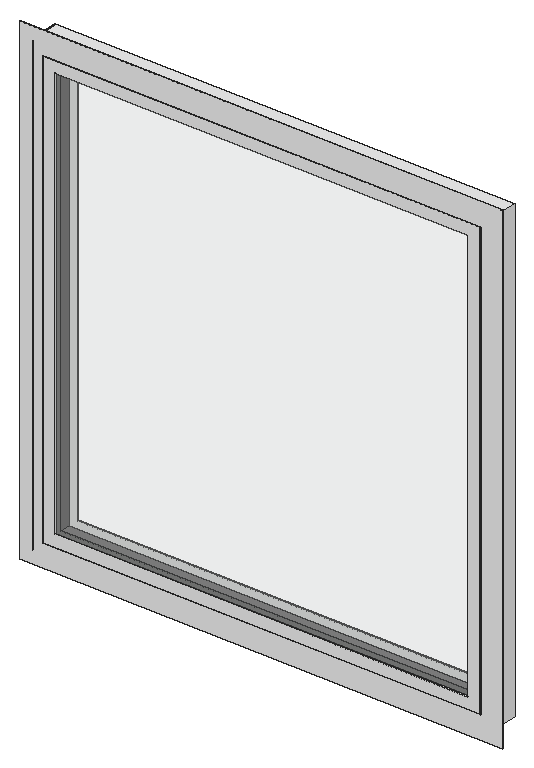
Revit family "Casement_28_E_Top_Hung_Standard", category Windows, host Wall, Revit 2014
Parameters (values of type "Casement_Sash_DG")
  Width Sash [instance] = 30 mm
  Width Sash Inner = 15 mm
  Width Bead = 15 mm
  Top Hung [instance] = yes
  Side Hung Right [instance] = yes
  Side Hung Left [instance] = yes
  Sash Opening Width [instance] = 600 mm
  Sash Opening Height [instance] = 600.312 mm
  Sash Lip = 15 mm
  Glazing Material [instance] = Glass
  DG Start Piece 2 [instance] = DG End Piece 1 + DG Gasket Thickness  # 25 mm
  DG Start Peice 1 [instance] = (Depth Sash - (2 * DG Glazing Thickness) - DG Gasket Thickness) / 2  # 6.6 mm
  Glazing Offset = 5 mm
  DG Glazing Thickness [instance] = 6.4 mm
  DG Gasket Thickness = 12 mm  # constant formula
  DG Gasket Material [instance] = Double Glazing Gasket Material
  DG End Piece 2 [instance] = DG Start Piece 2 + DG Glazing Thickness  # 31.4 mm
  DG End Piece 1 [instance] = DG Start Peice 1 + DG Glazing Thickness  # 13 mm
  Depth Sash [instance] = 38 mm
  Center Vertical Sash [instance] = Sash Opening Height / 2  # 300.156 mm
  Center Horizontal Sash [instance] = Sash Opening Width / 2  # 300 mm
  Bottom Hung [instance] = yes
  Bead Offset = 15 mm
  Aluminium Thickness = 1 mm
  Aluminium Material [instance] = White Powder Coated Aluminium
Reference planes
  plane 1 "Center (Front/Back)": y = 0
  plane 2: z = 0
  plane 3 "Center (Left/Right)": x = 0
Forms (mm)
  Sweep 1, solid, material "White Powder Coated Aluminium" <- "Aluminium Material"
    path origin (16.177, 0, 121.331) x (1, 0, 0) y (0, 0, 1)
      loop
        line (0, 0) -> (600, 0) -> (600, 600.312) -> (0, 600.312) -> (0, 0)
    profile origin (316.177, 0, 121.331) x (0, 0, 1) y (0, -1, 0)
      loop
        line (0, 0) -> (30, 0) -> (30, 1) -> (15, 1) -> (15, 38) -> (-15, 38) -> (-15, 37) -> (0, 37) -> (0, 0)
      loop
        line (14, 1) -> (14, 37) -> (1, 37) -> (1, 1) -> (14, 1)
  Sweep 2, solid, material "White Powder Coated Aluminium" <- "Aluminium Material"
    path origin (0, 0, 0) x (1, 0, 0) y (0, 0, 1)
      loop
        line (31.177, 706.643) -> (31.177, 136.331) -> (601.177, 136.331) -> (601.177, 706.643) -> (31.177, 706.643)
    profile origin (316.177, 0, 706.643) x (0, 0, 1) y (0, -1, 0)
      loop
        line (0, 37) -> (0, 38) -> (-15, 38) -> (-15, 37) -> (0, 37)
  Extrusion 3, solid, material "Glass" <- "Glazing Material"
    sketch origin (0, 0, 0) x (1, 0, 0) y (0, 0, 1)
      loop
        line (36.177, 701.643) -> (36.177, 141.331) -> (596.177, 141.331) -> (596.177, 701.643) -> (36.177, 701.643)
    from 6.6 <- "DG Start Peice 1" to 13 <- "DG End Piece 1"
  Extrusion 4, solid, material "Glass" <- "Glazing Material"
    sketch origin (0, 0, 0) x (1, 0, 0) y (0, 0, 1)
      loop
        line (36.177, 701.643) -> (36.177, 141.331) -> (596.177, 141.331) -> (596.177, 701.643) -> (36.177, 701.643)
    from 31.4 <- "DG End Piece 2" to 25 <- "DG Start Piece 2"
  Sweep 5, solid, material "Double Glazing Gasket Material" <- "DG Gasket Material"
    path origin (0, -13, 0) x (1, 0, 0) y (0, 0, 1)
      loop
        line (36.177, 701.643) -> (36.177, 141.331) -> (596.177, 141.331) -> (596.177, 701.643) -> (36.177, 701.643)
    profile origin (316.177, -13, 701.643) x (0, 0, 1) y (0, -1, 0)
      loop
        line (0, 0) -> (0, 12) -> (-7.96, 12) -> (-7.96, 0) -> (0, 0)
Lines and regions (mm)
  model lines
    curve 1: line (1.177, -38, 736.643) -> (31.177, -38, 706.643)
    curve 2: line (601.177, -38, 706.643) -> (631.177, -38, 736.643)
    curve 3: line (601.177, -38, 136.331) -> (631.177, -38, 106.331)
    curve 4: line (1.177, -38, 106.331) -> (31.177, -38, 136.331)
    curve 5: line (631.177, -37, 736.643) -> (616.177, -37, 721.643)
    curve 6: line (1.177, -37, 736.643) -> (16.177, -37, 721.643)
    curve 7: line (1.177, -37, 106.331) -> (16.177, -37, 121.331)
    curve 8: line (631.177, -37, 106.331) -> (616.177, -37, 121.331)
    curve 9: line (616.177, 0, 121.331) -> (586.177, 0, 151.331)
    curve 10: line (46.177, 0, 151.331) -> (16.177, 0, 121.331)
    curve 11: line (616.177, 0, 721.643) -> (586.177, 0, 691.643)
    curve 12: line (46.177, 0, 691.643) -> (16.177, 0, 721.643)
    curve 13: line (31.177, -38, 691.643) -> (46.177, -38, 691.643)
    curve 14: line (586.177, -38, 691.643) -> (601.177, -38, 691.643)
    curve 15: line (586.177, -38, 151.331) -> (601.177, -38, 151.331)
    curve 16: line (31.177, -38, 151.331) -> (46.177, -38, 151.331)
  model lines, style "GenericModelHiddenLines", visible <- "Top Hung"
    curve 17: line (46.386, -31.4, 690.914) -> (316.177, -31.4, 151.331)
    curve 18: line (316.177, -31.4, 151.331) -> (586.177, -31.4, 691.331)
  model lines, style "GenericModelHiddenLines", visible <- "Bottom Hung"
    curve 19: line (46.177, -31.4, 151.331) -> (316.177, -31.4, 691.331)
    curve 20: line (316.177, -31.4, 691.331) -> (586.177, -31.4, 151.331)
  model lines, style "GenericModelHiddenLines", visible <- "Side Hung Left"
    curve 21: line (46.386, -31.4, 690.914) -> (585.24, -31.4, 421.487)
    curve 22: line (585.24, -31.4, 421.487) -> (46.177, -31.4, 151.331)
  model lines, style "GenericModelHiddenLines", visible <- "Side Hung Right"
    curve 23: line (586.177, -31.4, 691.331) -> (46.177, -31.4, 421.487)
    curve 24: line (46.177, -31.4, 421.487) -> (586.177, -31.4, 151.331)
Dimensions and locks
  "Aluminium Thickness": Sweep 1 sketch curve to Sweep 1 sketch curve  (x4)
  "Depth Sash": Sweep 1 sketch curve to Sweep 1 sketch curve
  "Sash Opening Width": Sweep 1 to Sweep 1
  "Sash Opening Height": Sweep 1 to Sweep 1
  "Width Sash": Sweep 1 sketch curve to Sweep 1 sketch curve  (x2)
  "Width Sash Inner": Sweep 1 sketch curve to Sweep 1 sketch curve
  "Sash Lip": Sweep 1 sketch curve to Sweep 1 sketch curve
  "Aluminium Thickness": Sweep 1 to Sweep 2 sketch curve
  "Glazing Offset": Sweep 2 to Extrusion 3 sketch curve  (x3)
  "Glazing Offset": Extrusion 3 sketch curve to Sweep 2
  Sweep 1 to Sweep 1 = 1 mm
  "Aluminium Thickness": Sweep 2 sketch curve to Sweep 2 sketch curve
  "Width Bead": Sweep 2 sketch curve to Sweep 2 sketch curve
  locked: Sweep 5 sketch curve to Sweep 5 sketch curve at 7.96
  "Center Horizontal Sash": Sweep 1 to curve 18
  "Center Horizontal Sash": Sweep 1 to curve 20
  "Center Vertical Sash": Sweep 1 to curve 22
  "Center Vertical Sash": Sweep 1 to curve 24
  aligned and locked: level to plane 2
  aligned and locked: Sweep 1 sketch curve to Sweep 1 sketch curve  (x2)
  aligned and locked: Sweep 2 sketch curve to Sweep 1  (x5)
  aligned and locked: Extrusion 4 sketch curve to Extrusion 3  (x4)
  aligned and locked: Sweep 5 sketch curve to Extrusion 3  (x5)
  aligned and locked: Extrusion 3 to Sweep 5 sketch curve
Automatic sketch dimensions
  plane 3 "Center (Left/Right)" to Sweep 1 sketch curve = 16.177 mm
  level to Sweep 1 sketch curve = 121.331 mm
  plane 3 "Center (Left/Right)" to Sweep 1 sketch curve = 616.177 mm
  level to Sweep 1 sketch curve = 721.643 mm
  profile plane to Sweep 5 sketch curve = 12 mm
  curve 7 to Sweep 1 = 0 mm  (x4)
  curve 6 to Sweep 1 = 0 mm  (x3)
  Sweep 1 to curve 6 = 0 mm
  curve 5 to Sweep 1 = 0 mm  (x3)
  curve 8 to Sweep 1 = 0 mm  (x4)
  Sweep 1 to curve 5 = 0 mm
  curve 16 to Sweep 2 = 0 mm  (x3)
  curve 13 to Sweep 2 = 0 mm  (x3)
  curve 15 to Sweep 2 = 0 mm
  Sweep 2 to curve 15 = 0 mm  (x2)
  curve 14 to Sweep 2 = 0 mm  (x2)
  Sweep 2 to curve 14 = 0 mm
  curve 1 to Sweep 1 = 0 mm  (x4)
  curve 4 to Sweep 1 = 0 mm  (x3)
  Sweep 1 to curve 4 = 0 mm
  curve 3 to Sweep 1 = 0 mm  (x3)
  curve 2 to Sweep 1 = 0 mm  (x4)
  Sweep 1 to curve 3 = 0 mm
  curve 10 to Sweep 1 = 0 mm  (x4)
  curve 12 to Sweep 1 = 0 mm  (x3)
  Sweep 1 to curve 12 = 0 mm
  curve 9 to Sweep 1 = 0 mm  (x4)
  curve 11 to Sweep 1 = 0 mm  (x3)
  Sweep 1 to curve 11 = 0 mm
  Sweep 1 sketch curve to plane 1 "Center (Front/Back)" = 0 mm
  profile plane to Sweep 1 sketch curve = 0 mm
  curve 21 to Extrusion 4 = 10.208 mm
  curve 19 to Extrusion 4 = 10 mm
  curve 23 to Extrusion 4 = 10 mm  (x2)
  curve 22 to Extrusion 4 = 10.937 mm
  curve 20 to Extrusion 4 = 10 mm
  curve 24 to Extrusion 4 = 10 mm
  curve 22 to Extrusion 4 = 10 mm
  curve 18 to Extrusion 4 = 10 mm
  curve 21 to Extrusion 4 = 10.729 mm
  curve 19 to Extrusion 4 = 10.312 mm
  curve 18 to Extrusion 4 = 10.312 mm
Types in the file's own list only (6): name | Windload Design | Width Sash Opening | Width Sash | Width Profile | Width Fixed Pane RHS | Width Fixed Pane Bottom LHS | Width Panel 1 | Width | URL | Offset Window Exterior | Max Pane Area | Limit Fixed Pane Width Min | Limit Fixed Pane Width Max | Limit Fixed Pane Height Min | Limit Fixed Pane Height Max | Height | Clearvue U Value | Clearvue SHGC Value | Energy Advantage U Value | Energy Advantage SHGC Value | Intruderprufe U Value | Intruderprufe SHGC Value | Intruderprufe LowE U Value | Intruderprufe LowE SHGC Value | Custom Window Width | Custom Window Height | Window Exterior Offset | Custom Windload | Custom Sash Width | Custom Sash Height | Single Glazing | Sash Spacing Inner | Sash Overlap | Sash Center Offset | SG Gasket Thickness | Offset Sash Left | Offset Sash Top | Offset Panel 4 Left | Offset Panel 3 Bead Top | Offset Mullion Left | Offset Transom Top | Offset Bead SG Center Reversed | Model | Manufacturer | Limit Window Width Min | Limit Window Width Max | Limit Window Height Min | Limit Window Height Max | Limit Sash Width Min | Limit Sash Width Max | Limit Sash Height Min | Limit Sash Height Max | Length Transom | Length Mullion | Height Sash Opening | Height Sash | Height Fixed Pane RHS | Height Fixed Pane Bottom LHS | Height Panel 1 | Description | Depth Mullion | Frame Center Offset | Depth Bead | Default Sill Height | Wall Closure | Mullion Depth Windload Based | Casement Dimension | Bottom Hung | Bead SG Gap | Area Pane Right | Area Pane Left Top | Area Pane Left Bottom
  28-1209T-1000Pa | 1000 mm | 554 mm | 524 mm | 30 mm | 560 mm | 540 mm | 540 mm | 1190 mm | "http://www.crealco.co.za/crealco-products.php" | 14 mm | 0.45 m² | 200 mm | 1500 mm | 200 mm | 1800 mm | 890 mm | 7.37 | 0.712 | 5.52 | 0.614 | 5.66 | 0.653 | 7.39 | 0.73 | 1190 mm | 890 mm | 0 mm | 1000 mm | 554 mm | 554 mm | Yes | 8 mm | 7 mm | 11 mm | 6 mm | 23 mm | 23 mm | 600 mm | 600 mm | 570 mm | 570 mm | 14 mm | "Casement 28" | "Crealco" | 830 mm | 2130 mm | 830 mm | 1860 mm | 300 mm | 900 mm | 300 mm | 600 mm | 540 mm | 890 mm | 554 mm | 524 mm | 830 mm | 260 mm | 539 mm | "Window 28mm, Type E top hung" | 29 mm | 14 mm | 14 mm | 800 mm | By host | 29 mm | 28 mm | No | 13 mm | 0.45 m² | 0.23 m² | 0.13 m²
  28-1509T-1000Pa | 1000 mm | 554 mm | 524 mm | 30 mm | 860 mm | 540 mm | 540 mm | 1490 mm | "http://www.crealco.co.za/crealco-products.php" | 14 mm | 0.70 m² | 200 mm | 1500 mm | 200 mm | 1800 mm | 890 mm | 7.61 | 0.775 | 5.59 | 0.672 | 5.76 | 0.712 | 7.65 | 0.801 | 1490 mm | 890 mm | 0 mm | 1000 mm | 554 mm | 554 mm | Yes | 8 mm | 7 mm | 11 mm | 6 mm | 23 mm | 23 mm | 600 mm | 600 mm | 570 mm | 570 mm | 14 mm | "Casement 28" | "Crealco" | 830 mm | 2130 mm | 830 mm | 1860 mm | 300 mm | 900 mm | 300 mm | 600 mm | 540 mm | 890 mm | 554 mm | 524 mm | 830 mm | 260 mm | 539 mm | "Window 28mm, Type E top hung" | 29 mm | 14 mm | 14 mm | 800 mm | By host | 29 mm | 28 mm | No | 13 mm | 0.70 m² | 0.23 m² | 0.13 m²
  28-1209T-1500Pa | 1500 mm | 554 mm | 524 mm | 30 mm | 560 mm | 540 mm | 540 mm | 1190 mm | "http://www.crealco.co.za/crealco-products.php" | 14 mm | 0.45 m² | 200 mm | 1500 mm | 200 mm | 1800 mm | 890 mm | 7.37 | 0.712 | 5.52 | 0.614 | 5.66 | 0.653 | 7.39 | 0.73 | 1190 mm | 890 mm | 0 mm | 1500 mm | 554 mm | 554 mm | Yes | 8 mm | 7 mm | 11 mm | 6 mm | 23 mm | 23 mm | 600 mm | 600 mm | 570 mm | 570 mm | 14 mm | "Casement 28" | "Crealco" | 830 mm | 2130 mm | 830 mm | 1860 mm | 300 mm | 900 mm | 300 mm | 600 mm | 540 mm | 890 mm | 554 mm | 524 mm | 830 mm | 260 mm | 539 mm | "Window 28mm, Type E top hung" | 29 mm | 14 mm | 14 mm | 800 mm | By host | 29 mm | 28 mm | No | 13 mm | 0.45 m² | 0.23 m² | 0.13 m²
  28-1209T-2000Pa | 2000 mm | 554 mm | 524 mm | 30 mm | 560 mm | 540 mm | 540 mm | 1190 mm | "http://www.crealco.co.za/crealco-products.php" | 14 mm | 0.45 m² | 200 mm | 1500 mm | 200 mm | 1800 mm | 890 mm | 7.37 | 0.712 | 5.52 | 0.614 | 5.66 | 0.653 | 7.39 | 0.73 | 1190 mm | 890 mm | 0 mm | 2000 mm | 554 mm | 554 mm | Yes | 8 mm | 7 mm | 11 mm | 6 mm | 23 mm | 23 mm | 600 mm | 600 mm | 570 mm | 570 mm | 14 mm | "Casement 28" | "Crealco" | 830 mm | 2130 mm | 830 mm | 1860 mm | 300 mm | 900 mm | 300 mm | 600 mm | 540 mm | 890 mm | 554 mm | 524 mm | 830 mm | 260 mm | 539 mm | "Window 28mm, Type E top hung" | 29 mm | 14 mm | 14 mm | 800 mm | By host | 29 mm | 28 mm | No | 13 mm | 0.45 m² | 0.23 m² | 0.13 m²
  28-1509T-1500Pa | 1500 mm | 554 mm | 524 mm | 30 mm | 860 mm | 540 mm | 540 mm | 1490 mm | "http://www.crealco.co.za/crealco-products.php" | 14 mm | 0.70 m² | 200 mm | 1500 mm | 200 mm | 1800 mm | 890 mm | 7.61 | 0.775 | 5.59 | 0.672 | 5.76 | 0.712 | 7.65 | 0.801 | 1490 mm | 890 mm | 0 mm | 1500 mm | 554 mm | 554 mm | Yes | 8 mm | 7 mm | 11 mm | 6 mm | 23 mm | 23 mm | 600 mm | 600 mm | 570 mm | 570 mm | 14 mm | "Casement 28" | "Crealco" | 830 mm | 2130 mm | 830 mm | 1860 mm | 300 mm | 900 mm | 300 mm | 600 mm | 540 mm | 890 mm | 554 mm | 524 mm | 830 mm | 260 mm | 539 mm | "Window 28mm, Type E top hung" | 29 mm | 14 mm | 14 mm | 800 mm | By host | 29 mm | 28 mm | No | 13 mm | 0.70 m² | 0.23 m² | 0.13 m²
  28-1509T-2000Pa | 2000 mm | 554 mm | 524 mm | 30 mm | 860 mm | 540 mm | 540 mm | 1490 mm | "http://www.crealco.co.za/crealco-products.php" | 14 mm | 0.70 m² | 200 mm | 1500 mm | 200 mm | 1800 mm | 890 mm | 7.61 | 0.775 | 5.59 | 0.672 | 5.76 | 0.712 | 7.65 | 0.801 | 1490 mm | 890 mm | 0 mm | 2000 mm | 554 mm | 554 mm | Yes | 8 mm | 7 mm | 11 mm | 6 mm | 23 mm | 23 mm | 600 mm | 600 mm | 570 mm | 570 mm | 14 mm | "Casement 28" | "Crealco" | 830 mm | 2130 mm | 830 mm | 1860 mm | 300 mm | 900 mm | 300 mm | 600 mm | 540 mm | 890 mm | 554 mm | 524 mm | 830 mm | 260 mm | 539 mm | "Window 28mm, Type E top hung" | 29 mm | 14 mm | 14 mm | 800 mm | By host | 29 mm | 28 mm | No | 13 mm | 0.70 m² | 0.23 m² | 0.13 m²
